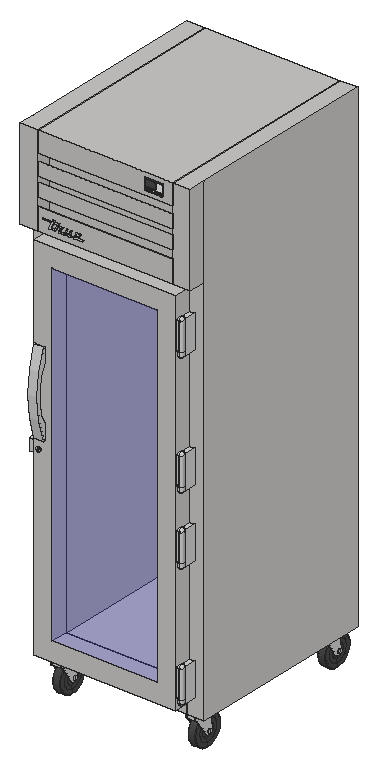
Revit family "QF_TRUE_STG1R-1G-HC", category Specialty Equipment, Revit 2012 (continued)
Automatic sketch dimensions
  plane 7 to Revolve 31 sketch curve = 1 25/32"
  Revolve 32 sketch curve to plane 7 = 0.62954"
  Revolve 32 sketch curve to plane 4 "RIGHT" = 4.14082"
  Revolve 32 sketch curve to Revolve 32 sketch curve = 1.29707"
  Revolve 32 sketch curve to Revolve 32 sketch curve = 0"
  Revolve 32 sketch curve to Revolve 32 sketch curve = 0.10278"
  Revolve 32 sketch curve to plane 7 = 0.00141"
  plane 7 to Revolve 32 sketch curve = 0.26768"
  Extrusion 33 sketch curve to plane 7 = 0.63926"  (x2)
  Extrusion 33 sketch curve to plane 5 "FRONT" = 3.79864"
  Extrusion 33 sketch curve to Extrusion 33 sketch curve = 1/4"  (x2)
  Extrusion 33 sketch curve to Extrusion 33 sketch curve = 2 1/2"
  Extrusion 33 sketch curve to plane 7 = 0.93273"  (x2)
  Extrusion 33 sketch curve to Extrusion 33 sketch curve = 0.03603"
  plane 1 "BACK" to Extrusion 33 sketch curve = 3.8577"
  Extrusion 33 sketch curve to plane 7 = 1.24411"
  plane 1 "BACK" to Extrusion 33 sketch curve = 1.1077"
  Revolve 34 sketch curve to plane 4 "RIGHT" = 4.35148"
  Revolve 34 sketch curve to Revolve 34 sketch curve = 0.48273"
  Revolve 34 sketch curve to Revolve 34 sketch curve = 0.4"
  Revolve 34 sketch curve to Revolve 34 sketch curve = 0"  (x2)
  Revolve 34 sketch curve to Revolve 34 sketch curve = 0.1"  (x2)
  Revolve 34 sketch curve to Revolve 34 sketch curve = 0.16101"
  Revolve 34 sketch curve to Revolve 34 sketch curve = 0.75408"
  Revolve 34 sketch curve to Revolve 34 sketch curve = 0.92798"
  Revolve 34 sketch curve to Revolve 34 sketch curve = 0.06101"
  Revolve 34 sketch curve to Revolve 34 sketch curve = 1/2"
  Revolve 34 sketch curve to Revolve 34 sketch curve = 0.16509"
  Revolve 34 sketch curve to Revolve 34 sketch curve = 0.39592"
  level to Revolve 34 sketch curve = 2 1/2"
  Revolve 34 sketch curve to Revolve 34 sketch curve = 0.29941"  (x2)
  Revolve 34 sketch curve to Revolve 34 sketch curve = 3/4"  (x4)
  Revolve 34 sketch curve to Revolve 34 sketch curve = 0.59652"
  Revolve 34 sketch curve to Revolve 34 sketch curve = 0.60059"
  plane 3 "LEFT" to Revolve 35 sketch curve = 1.33602"
  Revolve 35 sketch curve to Revolve 35 sketch curve = 0.48273"
  Revolve 35 sketch curve to plane 8 = 5/8"  (x2)
  Revolve 35 sketch curve to Revolve 35 sketch curve = 0.1"  (x2)
  Revolve 35 sketch curve to Revolve 35 sketch curve = 0.16101"
  plane 8 to Revolve 35 sketch curve = 0.12908"
  plane 8 to Revolve 35 sketch curve = 0.46399"
  plane 8 to Revolve 35 sketch curve = 0.525"
  Revolve 35 sketch curve to Revolve 35 sketch curve = 1/2"
  Revolve 35 sketch curve to Revolve 35 sketch curve = 0.16509"
  Revolve 35 sketch curve to Revolve 35 sketch curve = 0.39592"
  level to Revolve 35 sketch curve = 2 1/2"
  Revolve 35 sketch curve to Revolve 35 sketch curve = 0"
  Revolve 35 sketch curve to Revolve 35 sketch curve = 0.29941"  (x2)
  Revolve 35 sketch curve to Revolve 35 sketch curve = 3/4"  (x4)
  Revolve 35 sketch curve to Revolve 35 sketch curve = 0.59652"
  Revolve 35 sketch curve to Revolve 35 sketch curve = 0.60059"
  Extrusion 36 sketch curve to plane 7 = 0.63926"  (x2)
  Extrusion 36 sketch curve to plane 5 "FRONT" = 3.79864"
  Extrusion 36 sketch curve to Extrusion 36 sketch curve = 1/4"  (x2)
  level to Extrusion 36 sketch curve = 2.18736"  (x2)
  Extrusion 36 sketch curve to Extrusion 36 sketch curve = 1.7492"
  Extrusion 36 sketch curve to Extrusion 36 sketch curve = 0.50669"  (x2)
  Extrusion 36 sketch curve to Extrusion 36 sketch curve = 2 1/2"
  level to Extrusion 36 sketch curve = 2.59003"
  Extrusion 36 sketch curve to Extrusion 36 sketch curve = 0.59966"  (x2)
  plane 1 "BACK" to Extrusion 36 sketch curve = 3.8577"
  plane 1 "BACK" to Extrusion 36 sketch curve = 1.8585"
  plane 1 "BACK" to Extrusion 36 sketch curve = 1.1077"
  Extrusion 36 sketch curve to Extrusion 36 sketch curve = 0.32905"
  Extrusion 36 sketch curve to Extrusion 36 sketch curve = 0.60485"  (x2)
  Extrusion 37 sketch curve to plane 7 = 0.63926"  (x2)
  Extrusion 37 sketch curve to plane 5 "FRONT" = 3.79864"
  Extrusion 37 sketch curve to Extrusion 37 sketch curve = 1/4"  (x2)
  level to Extrusion 37 sketch curve = 2.18736"  (x2)
  Extrusion 37 sketch curve to Extrusion 37 sketch curve = 1.7492"
  Extrusion 37 sketch curve to Extrusion 37 sketch curve = 0.50669"  (x2)
  Extrusion 37 sketch curve to Extrusion 37 sketch curve = 2 1/2"
  level to Extrusion 37 sketch curve = 2.59003"
  Extrusion 37 sketch curve to Extrusion 37 sketch curve = 0.59966"  (x2)
  plane 1 "BACK" to Extrusion 37 sketch curve = 3.8577"
  plane 1 "BACK" to Extrusion 37 sketch curve = 1.8585"
  plane 1 "BACK" to Extrusion 37 sketch curve = 1.1077"
  Extrusion 37 sketch curve to Extrusion 37 sketch curve = 0.32905"
  Extrusion 37 sketch curve to Extrusion 37 sketch curve = 0.60485"  (x2)
  Revolve 38 sketch curve to plane 8 = 0"  (x2)
  Revolve 38 sketch curve to plane 7 = 0.62954"
  Revolve 38 sketch curve to plane 8 = 1.29707"
  Revolve 38 sketch curve to Revolve 38 sketch curve = 0.10278"
  Revolve 38 sketch curve to plane 7 = 0.00141"
  plane 7 to Revolve 38 sketch curve = 0.26768"
  Revolve 39 sketch curve to level = 0"
  Revolve 39 sketch curve to plane 8 = 0"  (x2)
  Revolve 39 sketch curve to plane 8 = 1/2"
  Revolve 39 sketch curve to Revolve 39 sketch curve = 1/4"
  Revolve 39 sketch curve to plane 7 = 0"
  Revolve 39 sketch curve to plane 8 = 1.33338"
  level to Revolve 39 sketch curve = 1"
  Revolve 39 sketch curve to Revolve 39 sketch curve = 5/8"
  plane 7 to Revolve 39 sketch curve = 1 25/32"
  Revolve 40 sketch curve to level = 0"
  Revolve 40 sketch curve to plane 8 = 0"  (x2)
  Revolve 40 sketch curve to plane 8 = 1/2"
  Revolve 40 sketch curve to Revolve 40 sketch curve = 1/4"
  Revolve 40 sketch curve to plane 7 = 0"
  Revolve 40 sketch curve to plane 8 = 1.33338"
  level to Revolve 40 sketch curve = 1"
  Revolve 40 sketch curve to Revolve 40 sketch curve = 5/8"
  plane 7 to Revolve 40 sketch curve = 1 25/32"
  Revolve 41 sketch curve to plane 8 = 0"  (x2)
  Revolve 41 sketch curve to plane 7 = 0.62954"
  Revolve 41 sketch curve to plane 8 = 1.29707"
  Revolve 41 sketch curve to Revolve 41 sketch curve = 0.10278"
  Revolve 41 sketch curve to plane 7 = 0.00141"
  plane 7 to Revolve 41 sketch curve = 0.26768"
  Extrusion 42 sketch curve to plane 7 = 0.63926"  (x2)
  Extrusion 42 sketch curve to plane 5 "FRONT" = 3.79864"
  Extrusion 42 sketch curve to Extrusion 42 sketch curve = 1/4"  (x2)
  Extrusion 42 sketch curve to Extrusion 42 sketch curve = 2 1/2"
  Extrusion 42 sketch curve to plane 7 = 0.93273"  (x2)
  Extrusion 42 sketch curve to Extrusion 42 sketch curve = 0.03603"
  plane 1 "BACK" to Extrusion 42 sketch curve = 3.8577"
  Extrusion 42 sketch curve to plane 7 = 1.24411"
  plane 1 "BACK" to Extrusion 42 sketch curve = 1.1077"
  plane 3 "LEFT" to Revolve 43 sketch curve = 1.33602"
  Revolve 43 sketch curve to Revolve 43 sketch curve = 0.48273"
  Revolve 43 sketch curve to plane 8 = 5/8"  (x2)
  Revolve 43 sketch curve to Revolve 43 sketch curve = 0.1"  (x2)
  Revolve 43 sketch curve to Revolve 43 sketch curve = 0.16101"
  plane 8 to Revolve 43 sketch curve = 0.12908"
  plane 8 to Revolve 43 sketch curve = 0.46399"
  plane 8 to Revolve 43 sketch curve = 0.525"
  Revolve 43 sketch curve to Revolve 43 sketch curve = 1/2"
  Revolve 43 sketch curve to Revolve 43 sketch curve = 0.16509"
  Revolve 43 sketch curve to Revolve 43 sketch curve = 0.39592"
  level to Revolve 43 sketch curve = 2 1/2"
  Revolve 43 sketch curve to Revolve 43 sketch curve = 0"
  Revolve 43 sketch curve to Revolve 43 sketch curve = 0.29941"  (x2)
  Revolve 43 sketch curve to Revolve 43 sketch curve = 3/4"  (x4)
  Revolve 43 sketch curve to Revolve 43 sketch curve = 0.59652"
  Revolve 43 sketch curve to Revolve 43 sketch curve = 0.60059"
  plane 8 to Extrusion 45 sketch curve = 2 11/32"
  Extrusion 45 sketch curve to plane 4 "RIGHT" = 5 9/32"
  plane 7 to Extrusion 45 sketch curve = 4 29/32"
  Extrusion 45 sketch curve to plane 6 "TOP" = 19 5/32"
  Extrusion 46 sketch curve to plane 8 = 0"
  Extrusion 46 sketch curve to plane 5 "FRONT" = 5.09023"
  Extrusion 47 sketch curve to plane 8 = 0"
  plane 1 "BACK" to Extrusion 47 sketch curve = 2.69102"
  Extrusion 48 sketch curve to plane 4 "RIGHT" = 2 27/32"
  plane 1 "BACK" to Extrusion 48 sketch curve = 2.69102"
  Extrusion 49 sketch curve to plane 4 "RIGHT" = 2 27/32"
  Extrusion 49 sketch curve to plane 5 "FRONT" = 5.09023"
  Extrusion 3 sketch curve to plane 9 = 0"  (x4)
  Extrusion 3 sketch curve to plane 6 "TOP" = 0"
  plane 9 to Extrusion 3 sketch curve = 2.2042"
  Extrusion 3 sketch curve to Extrusion 3 sketch curve = 0"  (x3)
  plane 1 "BACK" to Extrusion 3 sketch curve = 0"
  Extrusion 3 sketch curve to plane 6 "TOP" = 3.34422"
  Extrusion 3 sketch curve to Extrusion 3 sketch curve = 1.12227"  (x2)
  Extrusion 3 sketch curve to Extrusion 3 sketch curve = 0.445"
  Extrusion 3 sketch curve to Extrusion 3 sketch curve = 2.13371"  (x2)
  Extrusion 3 sketch curve to Extrusion 3 sketch curve = 0.96076"  (x2)
  Extrusion 3 sketch curve to Extrusion 3 sketch curve = 2.0962"  (x2)
  Extrusion 3 sketch curve to Extrusion 3 sketch curve = 1.27557"  (x2)
  Extrusion 3 sketch curve to Extrusion 3 sketch curve = 2 1/8"
  plane 7 to Extrusion 3 sketch curve = 2.86127"
  Extrusion 3 sketch curve to plane 7 = 0"
  Extrusion 3 sketch curve to Extrusion 3 sketch curve = 2"
  plane 9 to Extrusion 3 sketch curve = 2.7042"  (x2)
  Extrusion 3 sketch curve to Extrusion 3 sketch curve = 2 1/2"
  Extrusion 3 sketch curve to Extrusion 3 sketch curve = 1"
  curve 5 to plane 3 "LEFT" = 0"
  plane 5 "FRONT" to curve 23 = 0"
  curve 26 to plane 10 = 0"
  plane 1 "BACK" to curve 4 = 0"
  curve 4 to plane 4 "RIGHT" = 0"
  plane 3 "LEFT" to curve 11 = 1.20097"
  plane 3 "LEFT" to curve 7 = 1.20097"
  curve 23 to plane 8 = 11/16"
  curve 26 to plane 8 = 0.36903"
  curve 8 to plane 8 = 11/32"
  curve 13 to plane 8 = 11/32"
  plane 8 to curve 7 = 0.98222"
  plane 1 "BACK" to curve 11 = 0.4208"
  plane 8 to curve 11 = 0.98222"
  plane 8 to curve 25 = 1.13097"
  plane 8 to curve 23 = 2.38973"
  curve 15 to plane 4 "RIGHT" = 5.39157"
  curve 19 to plane 4 "RIGHT" = 5.29782"
  curve 15 to curve 16 = 1.29904"
  curve 19 to curve 20 = 1.29904"
  plane 1 "BACK" to curve 14 = 0.4208"
  curve 14 to plane 4 "RIGHT" = 2.76657"
  curve 19 to plane 4 "RIGHT" = 2.67282"
  curve 23 to plane 4 "RIGHT" = 2 3/8"
  curve 22 to curve 23 = 0"
  curve 27 to curve 24 = 0.2"
  curve 5 to plane 5 "FRONT" = 2 1/4"
  curve 21 to plane 5 "FRONT" = 3.92849"
  curve 5 to curve 9 = 1.78257"
  curve 20 to curve 20 = 3/4"
  curve 8 to curve 7 = 3/4"
  curve 13 to curve 10 = 5.29663"
  curve 16 to curve 14 = 5.29663"
  plane 5 "FRONT" to Extrusion 7 sketch curve = 0.2"  (x2)
  plane 5 "FRONT" to Extrusion 7 sketch curve = 0"  (x2)
  Extrusion 7 sketch curve to plane 5 "FRONT" = 8.9176"
  Extrusion 7 sketch curve to Extrusion 7 sketch curve = 8.46533"
  plane 7 to Extrusion 7 sketch curve = 33.45208"
  Extrusion 7 sketch curve to Extrusion 7 sketch curve = 2.4"
  Extrusion 7 sketch curve to Extrusion 7 sketch curve = 4.4"
  Extrusion 7 sketch curve to Extrusion 7 sketch curve = 0"
  plane 5 "FRONT" to Extrusion 44 sketch curve = 0"
  Extrusion 44 sketch curve to plane 11 = 0"
  Extrusion 44 sketch curve to plane 8 = 11/16"
  Extrusion 44 sketch curve to plane 4 "RIGHT" = 2 3/8"
  Extrusion 44 sketch curve to plane 5 "FRONT" = 0.01168"
  radius of Extrusion 8 sketch curve = 0.35"
  radius of Extrusion 12 sketch curve = 1/4"
  radius of Extrusion 46 sketch curve = 1 1/2"
  radius of Extrusion 47 sketch curve = 1 1/2"
  radius of Extrusion 48 sketch curve = 1 1/2"
  radius of Extrusion 49 sketch curve = 1 1/2"
Connectors (in)
  electrical at (24.25, -0.0625, 82), driven by "Volts", driven by "Watts"
    settings: on Extrusion 12, index 1, voltage 115 V, apparent load 437 VA, apparent load phase1 0 VA, apparent load phase2 0 VA, apparent load phase3 0 VA, power factor 1, load classification "Other", number of poles 1, system type 30, power factor state 1, is connector primary yes, connector utility no, sub classification motor no, connector description "ELECTRICAL CONNECTION"
